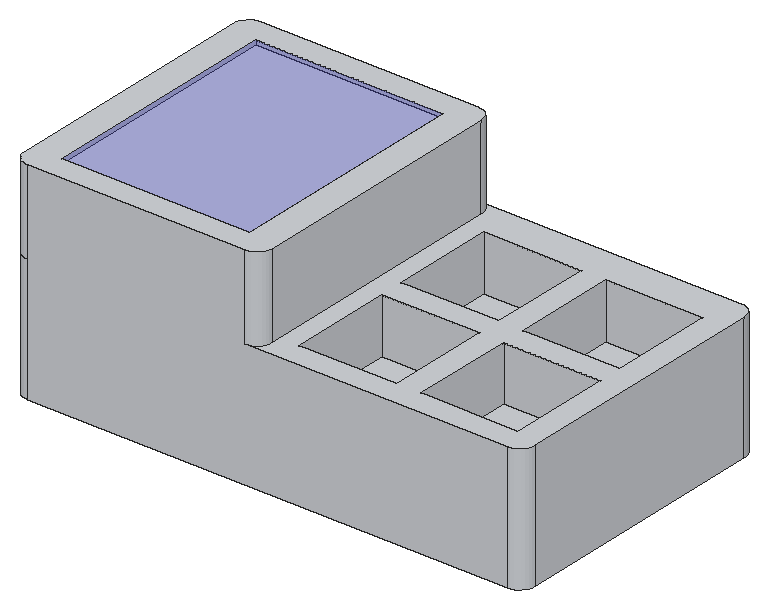
Revit family "Domotics-DomesticRanges-GEWISS-27COMBIDIN_SYSTEM-IP40_4M_8SY", category Apparecchi elettrici, host Superficie, Revit 2016
Family settings
  Host = Superficie
  Mantenere orientamento annotazione = No
  Tipo di parte = Normale
  Quota connettore circolare = Usa diametro
  Taglio con vuoti quando caricato = No
  Condiviso = No
  Punto di calcolo locali = No
Parameters (values of type "GW27072 - Enclosure 4mod.DIN+(2x4)mod. System")
  Version file RFA = "19.4"
  URL = "https://www.gewiss.com/ww/en"
  Type of knockout holes = "Removable with tool"
  Type of enclosure = "GP"
  Torque screws tightening = "0,8NM"
  Thermo-pressure with ball = "70 °C"
  Technical sheet = "https://www.gewiss.com/ww/en/search?q=GW27072"
  Struttura = none
  Standard; = "EN 60670-1 - EN 60670-24"
  Standard = "EN 60669-2-1"
  Shock resistance = "IK07"
  SEO = "Enclosure"
  Realized by GEWISS S.p.A. = ""
  Rated voltage: = "400V ac"
  Rated current (In) = "32A"
  Default Elevation = 1219.2 mm
  Profondità = 95 mm
  Produttore = "GEWISS S.p.A."
  Output contacts = "1NO 16 A (AC1) 250 V ac"
  Outer dim. LxHxD (mm) = "231x132x95"
  No. knockout holes Ã˜23 = "12 on sides / 2 on the bottom"
  No. knockout holes Ã˜ 23 = "12"
  No. SYSTEM modules = "8"
  No. DIN modules = "4"
  Modello = "GW27072"
  Lid screws = "Stainless steel"
  Larghezza = 231 mm
  Insulation voltage = "750V"
  Insulation class = "II"
  Installation temperature = "-25 +60 °C"
  Immagine tipo = GW27072.jpg
  IP degree = "IP40"
  IFC.TypeObject = ""
  IFC.ExportType = ""
  IFC.ExportAs = ""
  IDT = "d719f03f-11ba-41a9-847a-2c47baabadda"
  IDF = "e3c9d10e-0482-4f0d-8d59-2ac36475a756"
  Glow Wire Test = "650°C"
  Electrocod = "0212"
  EAN code = "8011564055452"
  Door type = "Rigid"
  Door colour: = "Smoked Transparent"
  Dispersible power (W) = "15"
  Descrizione = "ENCLOSURE 4MOD.DIN+(2X4)MOD.SYSTEM"
  Configuration = "Module 2 x 4"
  Compartment pre-arrangement = "2"
  Colour = "Grey RAL 7035"
  Characteristics = "Halogen free"
  Catalogue Range = "27COMBI"
  Catalogue = "DOMOTICS"
  COBie.Tagnumber = ""
  COBie.CreatedOn = ""
  COBie.CreatebBy = ""
  COBie.ComponentRegisterItemID = ""
  COBie.Component.TagNumber = ""
  COBie.Component.Space = ""
  COBie.Component.SerialNumber = ""
  COBie.Component.InstallationDate = ""
  COBie.Component.Description = ""
  COBie.Component.BarCode = ""
  Altezza = 132 mm  # constant formula
Values of the unnamed type that differ from the named types
  Version file RFA = ""
  Type of knockout holes = ""
  Type of enclosure = ""
  Torque screws tightening = ""
  Thermo-pressure with ball = ""
  Technical sheet = ""
  Standard; = ""
  Standard = ""
  Shock resistance = ""
  SEO = ""
  Rated voltage: = ""
  Rated current (In) = ""
  Output contacts = ""
  Outer dim. LxHxD (mm) = ""
  No. knockout holes Ã˜23 = ""
  No. knockout holes Ã˜ 23 = ""
  No. SYSTEM modules = ""
  No. DIN modules = ""
  Lid screws = ""
  Insulation voltage = ""
  Insulation class = ""
  Installation temperature = ""
  IP degree = ""
  IDT = ""
  IDF = ""
  Glow Wire Test = ""
  Electrocod = ""
  EAN code = ""
  Door type = ""
  Door colour: = ""
  Dispersible power (W) = ""
  Configuration = ""
  Compartment pre-arrangement = ""
  Colour = ""
  Characteristics = ""
  Catalogue Range = ""
  Catalogue = ""
Reference planes
  plane 1 "Centro (Fronte/Retro)": y = 0
  plane 2: z = 0
  plane 3 "Centro (Sinistra/Destra)": x = 0
  plane 4 "Piano Allineamento Sportellino": z = 95
  plane 5: x = -2.56
  plane 6: z = 57.066
  plane 7: z = 32.066
  plane 8: z = 70
  plane 9: z = 93
  plane 10: x = 116.37
  plane 11: y = 66.019
  plane 12: y = -65.981
  plane 13: x = -114.63
  plane 14: x = -101.144
  plane 15: x = -100.144
  plane 16: x = -17.047
  plane 17: x = -16.047
  plane 18: y = 54.961
  plane 19: y = -53.961
  plane 20: y = -54.961
  plane 21: x = -16.047
  plane 22: x = -16.047
  plane 23: y = 53.961
  plane 24: x = 6.37
  plane 25: y = 2.72
  plane 26: y = -8.101
  plane 27: x = 50.37
  plane 28: x = 61.37
  plane 29: x = 105.37
Forms (mm)
  Extrusion 1, solid, material <- "Struttura"
    sketch origin (0, -451.03, 0) x (1, 0, 0) y (0, 1, 0)
      loop
        line (-9.56, 517.049) -> (-107.63, 517.049)
        arc (-107.63, 517.049) -> (-112.58, 514.999) -> (-114.63, 510.049) r 7
        line (-114.63, 510.049) -> (-114.63, 392.049)
        arc (-114.63, 392.049) -> (-112.58, 387.1) -> (-107.63, 385.049) r 7
        line (-107.63, 385.049) -> (-9.56, 385.049)
        arc (-9.56, 385.049) -> (-4.61, 387.1) -> (-2.56, 392.049) r 7
        line (-2.56, 392.049) -> (-2.56, 510.049)
        arc (-2.56, 510.049) -> (-4.61, 514.999) -> (-9.56, 517.049) r 7
    from 57.066 to 95
  Extrusion 2, solid, material <- "Struttura"
    sketch origin (0, 0, 0) x (1, 0, 0) y (0, 1, 0)
      loop
        line (-114.63, 59.019) -> (-114.63, -58.981)
        arc (-114.63, -58.981) -> (-112.58, -63.931) -> (-107.63, -65.981) r 7
        line (-107.63, -65.981) -> (109.37, -65.981)
        arc (109.37, -65.981) -> (114.319, -63.931) -> (116.37, -58.981) r 7
        line (116.37, -58.981) -> (116.37, 59.019)
        arc (116.37, 59.019) -> (114.319, 63.969) -> (109.37, 66.019) r 7
        line (109.37, 66.019) -> (-107.63, 66.019)
        arc (-107.63, 66.019) -> (-112.58, 63.969) -> (-114.63, 59.019) r 7
    from 0 to 57.066
  Extrusion 3, void
    sketch origin (4.989, -5.381, 0) x (1, 0, 0) y (0, 1, 0)
      loop
        line (45.38, -2.72) -> (1.38, -2.72) -> (1.38, -49.58) -> (45.38, -49.58) -> (45.38, -2.72)
    from 32.066 to 57.066
  Extrusion 4, void
    sketch origin (0, 0, 0) x (1, 0, 0) y (0, 1, 0)
      loop
        line (-100.144, 53.961) -> (-100.144, -53.961) -> (-17.047, -53.961) -> (-17.047, 53.961) -> (-100.144, 53.961)
    from 70 to 93
  Extrusion 5, void
    sketch origin (0, 0, 0) x (1, 0, 0) y (0, 1, 0)
      loop
        line (-16.047, 54.961) -> (-101.144, 54.961) -> (-101.144, -54.961) -> (-16.047, -54.961) -> (-16.047, 54.961)
    from 93 to 95
  Extrusion 6, solid, material "GEWISS Sportellino"
    sketch origin (0, 0, 0) x (1, 0, 0) y (0, 1, 0)
      loop
        line (-16.047, 54.961) -> (-101.144, 54.961) -> (-101.144, -54.961) -> (-16.047, -54.961) -> (-16.047, 54.961)
    from 93 to 95
  Extrusion 7, void
    sketch origin (59.989, -5.381, 0) x (1, 0, 0) y (0, 1, 0)
      loop
        line (45.38, -2.72) -> (1.38, -2.72) -> (1.38, -49.58) -> (45.38, -49.58) -> (45.38, -2.72)
    from 32.066 to 57.066
  Extrusion 8, void
    sketch origin (59.989, 53.439, 0) x (1, 0, 0) y (0, 1, 0)
      loop
        line (45.38, -3.859) -> (1.38, -3.859) -> (1.38, -50.72) -> (45.38, -50.72) -> (45.38, -3.859)
    from 32.066 to 57.066
  Extrusion 9, void
    sketch origin (4.989, 52.299, 0) x (1, 0, 0) y (0, 1, 0)
      loop
        line (45.38, -2.72) -> (1.38, -2.72) -> (1.38, -49.58) -> (45.38, -49.58) -> (45.38, -2.72)
    from 32.066 to 57.066
Cuts and joins
  Extrusion 5, Extrusion 7, Extrusion 8, Extrusion 9 cuts Extrusion 1
  Extrusion 3, Extrusion 4, Extrusion 7, Extrusion 8, Extrusion 9 cuts Extrusion 2
  joined: Extrusion 1, Extrusion 2
Lines and regions (mm)
  Filled region 1, type "GW27071Q.DXF-1", in view "Livello rif."
    outline origin (0, 0, 0) x (1, 0, 0) y (0, 1, 0)
      loop
        line (311.838, -29.653) -> (312.671, -34.653) -> (313.505, -29.653) -> (311.838, -29.653)
  Filled region 2, type "GW27071Q.DXF-1", in view "Livello rif."
    outline origin (0, 0, 0) x (1, 0, 0) y (0, 1, 0)
      loop
        line (311.838, 92.347) -> (313.505, 92.347) -> (312.671, 97.347) -> (311.838, 92.347)
  Filled region 3, type "GW27071Q.DXF-1", in view "Livello rif."
    outline origin (0, 0, 0) x (1, 0, 0) y (0, 1, 0)
      loop
        line (156.887, -59.146) -> (151.887, -59.979) -> (156.887, -60.812) -> (156.887, -59.146)
  Filled region 4, type "GW27071Q.DXF-1", in view "Livello rif."
    outline origin (0, 0, 0) x (1, 0, 0) y (0, 1, 0)
      loop
        line (278.887, -59.146) -> (278.887, -60.812) -> (283.887, -59.979) -> (278.887, -59.146)
  Filled region 5, type "GW27071Q.DXF-1", in view "Livello rif."
    outline origin (0, 0, 0) x (1, 0, 0) y (0, 1, 0)
      loop
        line (171.283, 113.489) -> (166.283, 112.656) -> (171.283, 111.823) -> (171.283, 113.489)
  Filled region 6, type "GW27071Q.DXF-1", in view "Livello rif."
    outline origin (0, 0, 0) x (1, 0, 0) y (0, 1, 0)
      loop
        line (196.283, 113.489) -> (196.283, 111.823) -> (201.283, 112.656) -> (196.283, 113.489)
  Filled region 7, type "GW27071Q.DXF-1", in view "Livello rif."
    outline origin (0, 0, 0) x (1, 0, 0) y (0, 1, 0)
      loop
        line (300.192, 75.924) -> (301.859, 75.924) -> (301.025, 80.924) -> (300.192, 75.924)
  Filled region 8, type "GW27071Q.DXF-1", in view "Livello rif."
    outline origin (0, 0, 0) x (1, 0, 0) y (0, 1, 0)
      loop
        line (300.192, -12.076) -> (301.025, -17.076) -> (301.859, -12.076) -> (300.192, -12.076)
  Filled region 9, type "GW27071Q.DXF-1", in view "Livello rif."
    outline origin (0, 0, 0) x (1, 0, 0) y (0, 1, 0)
      loop
        line (167.887, -49.734) -> (162.887, -50.567) -> (167.887, -51.4) -> (167.887, -49.734)
  Filled region 10, type "GW27071Q.DXF-1", in view "Livello rif."
    outline origin (0, 0, 0) x (1, 0, 0) y (0, 1, 0)
      loop
        line (267.887, -49.734) -> (267.887, -51.4) -> (272.887, -50.567) -> (267.887, -49.734)
  Filled region 11, type "GW27071Q.DXF-1", in view "Livello rif."
    outline origin (0, 0, 0) x (1, 0, 0) y (0, 1, 0)
      loop
        line (104.476, 133.277) -> (104.476, 131.611) -> (109.476, 132.444) -> (104.476, 133.277)
  Filled region 12, type "GW27071Q.DXF-1", in view "Livello rif."
    outline origin (0, 0, 0) x (1, 0, 0) y (0, 1, 0)
      loop
        line (17.434, 133.277) -> (12.434, 132.444) -> (17.434, 131.611) -> (17.434, 133.277)
  Filled region 13, type "GW27071Q.DXF-1", in view "Livello rif."
    outline origin (0, 0, 0) x (1, 0, 0) y (0, 1, 0)
      loop
        line (17.434, 116.721) -> (12.434, 115.888) -> (17.434, 115.054) -> (17.434, 116.721)
  Filled region 14, type "GW27071Q.DXF-1", in view "Livello rif."
    outline origin (0, 0, 0) x (1, 0, 0) y (0, 1, 0)
      loop
        line (37.434, 116.721) -> (37.434, 115.054) -> (42.434, 115.888) -> (37.434, 116.721)
  Filled region 15, type "GW27071Q.DXF-1", in view "Livello rif."
    outline origin (0, 0, 0) x (1, 0, 0) y (0, 1, 0)
      loop
        line (47.434, 116.721) -> (42.434, 115.888) -> (47.434, 115.054) -> (47.434, 116.721)
  Filled region 16, type "GW27071Q.DXF-1", in view "Livello rif."
    outline origin (0, 0, 0) x (1, 0, 0) y (0, 1, 0)
      loop
        line (104.476, 116.721) -> (104.476, 115.054) -> (109.476, 115.888) -> (104.476, 116.721)
  Filled region 17, type "GW27071Q.DXF-1", in view "Livello rif."
    outline origin (0, 0, 0) x (1, 0, 0) y (0, 1, 0)
      loop
        line (85.58, -62.533) -> (85.58, -64.2) -> (90.58, -63.366) -> (85.58, -62.533)
  Filled region 18, type "GW27071Q.DXF-1", in view "Livello rif."
    outline origin (0, 0, 0) x (1, 0, 0) y (0, 1, 0)
      loop
        line (17.938, -62.533) -> (12.938, -63.366) -> (17.938, -64.2) -> (17.938, -62.533)
  Filled region 19, type "GW27071Q.DXF-1", in view "Livello rif."
    outline origin (0, 0, 0) x (1, 0, 0) y (0, 1, 0)
      loop
        line (85.58, -45.003) -> (85.58, -46.67) -> (90.58, -45.836) -> (85.58, -45.003)
  Filled region 20, type "GW27071Q.DXF-1", in view "Livello rif."
    outline origin (0, 0, 0) x (1, 0, 0) y (0, 1, 0)
      loop
        line (42.138, -45.003) -> (37.138, -45.836) -> (42.138, -46.67) -> (42.138, -45.003)
  Filled region 21, type "GW27071Q.DXF-1", in view "Livello rif."
    outline origin (0, 0, 0) x (1, 0, 0) y (0, 1, 0)
      loop
        line (95.58, -44.823) -> (90.58, -45.656) -> (95.58, -46.49) -> (95.58, -44.823)
  Filled region 22, type "GW27071Q.DXF-1", in view "Livello rif."
    outline origin (0, 0, 0) x (1, 0, 0) y (0, 1, 0)
      loop
        line (103.18, -44.823) -> (103.18, -46.49) -> (108.18, -45.656) -> (103.18, -44.823)
  Filled region 23, type "GW27071Q.DXF-1", in view "Livello rif."
    outline origin (0, 0, 0) x (1, 0, 0) y (0, 1, 0)
      loop
        line (263.699, 109.74) -> (263.699, 108.073) -> (268.699, 108.907) -> (263.699, 109.74)
  Filled region 24, type "GW27071Q.DXF-1", in view "Livello rif."
    outline origin (0, 0, 0) x (1, 0, 0) y (0, 1, 0)
      loop
        line (227.699, 109.74) -> (222.699, 108.907) -> (227.699, 108.073) -> (227.699, 109.74)
  Filled region 25, type "GW27071Q.DXF-1", in view "Sinistra"
    outline origin (0, 0, 0) x (0, -1, 0) y (0, 0, 1)
      loop
        line (101.84, 5) -> (100.174, 5) -> (101.007, 0) -> (101.84, 5)
  Filled region 26, type "GW27071Q.DXF-1", in view "Sinistra"
    outline origin (0, 0, 0) x (0, -1, 0) y (0, 0, 1)
      loop
        line (101.84, 90) -> (101.007, 95) -> (100.174, 90) -> (101.84, 90)
  Filled region 27, type "GW27071Q.DXF-1", in view "Sinistra"
    outline origin (0, 0, 0) x (0, -1, 0) y (0, 0, 1)
      loop
        line (85.284, 90) -> (84.451, 95) -> (83.617, 90) -> (85.284, 90)
  Filled region 28, type "GW27071Q.DXF-1", in view "Sinistra"
    outline origin (0, 0, 0) x (0, -1, 0) y (0, 0, 1)
      loop
        line (85.284, 70) -> (83.617, 70) -> (84.451, 65) -> (85.284, 70)
  Filled region 29, type "GW27071Q.DXF-1", in view "Sinistra"
    outline origin (0, 0, 0) x (0, -1, 0) y (0, 0, 1)
      loop
        line (85.284, 60) -> (84.451, 65) -> (83.617, 60) -> (85.284, 60)
  Filled region 30, type "GW27071Q.DXF-1", in view "Sinistra"
    outline origin (0, 0, 0) x (0, -1, 0) y (0, 0, 1)
      loop
        line (85.284, 5) -> (83.617, 5) -> (84.451, 0) -> (85.284, 5)
  Filled region 31, type "GW27071Q.DXF-1", in view "Sinistra"
    outline origin (0, 0, 0) x (0, -1, 0) y (0, 0, 1)
      loop
        line (-93.97, 23.896) -> (-95.637, 23.896) -> (-94.803, 18.896) -> (-93.97, 23.896)
  Filled region 32, type "GW27071Q.DXF-1", in view "Sinistra"
    outline origin (0, 0, 0) x (0, -1, 0) y (0, 0, 1)
      loop
        line (-93.97, 89.496) -> (-94.803, 94.496) -> (-95.637, 89.496) -> (-93.97, 89.496)
  Filled region 33, type "GW27071Q.DXF-1", in view "Sinistra"
    outline origin (0, 0, 0) x (0, -1, 0) y (0, 0, 1)
      loop
        line (-76.44, 23.896) -> (-78.107, 23.896) -> (-77.273, 18.896) -> (-76.44, 23.896)
  Filled region 34, type "GW27071Q.DXF-1", in view "Sinistra"
    outline origin (0, 0, 0) x (0, -1, 0) y (0, 0, 1)
      loop
        line (-76.44, 65.296) -> (-77.273, 70.296) -> (-78.107, 65.296) -> (-76.44, 65.296)
  Filled region 35, type "GW27071Q.DXF-1", in view "Sinistra"
    outline origin (0, 0, 0) x (0, -1, 0) y (0, 0, 1)
      loop
        line (-76.26, 58.896) -> (-77.927, 58.896) -> (-77.093, 18.896) -> (-76.26, 58.896)
  Filled region 36, type "GW27071Q.DXF-1", in view "Sinistra"
    outline origin (0, 0, 0) x (0, -1, 0) y (0, 0, 1)
      loop
        line (-76.26, 51.296) -> (-77.927, 51.296) -> (-77.093, 1.296) -> (-76.26, 51.296)
  Filled region 37, type "GW27071Q.DXF-1", in view "Sinistra", not visible
    outline origin (0, 0, 0) x (0, -1, 0) y (0, 0, 1)
      loop
        line (295.687, 963.746) -> (295.687, 962.08) -> (300.687, 962.913) -> (295.687, 963.746)
  Filled region 38, type "GW27071Q.DXF-1", in view "Sinistra", not visible
    outline origin (0, 0, 0) x (0, -1, 0) y (0, 0, 1)
      loop
        line (210.687, 963.746) -> (205.687, 962.913) -> (210.687, 962.08) -> (210.687, 963.746)
  Filled region 39, type "GW27071Q.DXF-1", in view "Sinistra", not visible
    outline origin (0, 0, 0) x (0, -1, 0) y (0, 0, 1)
      loop
        line (210.687, 947.19) -> (205.687, 946.356) -> (210.687, 945.523) -> (210.687, 947.19)
  Filled region 40, type "GW27071Q.DXF-1", in view "Sinistra", not visible
    outline origin (0, 0, 0) x (0, -1, 0) y (0, 0, 1)
      loop
        line (230.687, 947.19) -> (230.687, 945.523) -> (235.687, 946.356) -> (230.687, 947.19)
  Filled region 41, type "GW27071Q.DXF-1", in view "Sinistra", not visible
    outline origin (0, 0, 0) x (0, -1, 0) y (0, 0, 1)
      loop
        line (240.687, 947.19) -> (235.687, 946.356) -> (240.687, 945.523) -> (240.687, 947.19)
  Filled region 42, type "GW27071Q.DXF-1", in view "Sinistra", not visible
    outline origin (0, 0, 0) x (0, -1, 0) y (0, 0, 1)
      loop
        line (295.687, 947.19) -> (295.687, 945.523) -> (300.687, 946.356) -> (295.687, 947.19)
  Filled region 43, type "GW27071Q.DXF-1", in view "Sinistra", not visible
    outline origin (0, 0, 0) x (0, -1, 0) y (0, 0, 1)
      loop
        line (276.791, 767.936) -> (276.791, 766.269) -> (281.791, 767.103) -> (276.791, 767.936)
  Filled region 44, type "GW27071Q.DXF-1", in view "Sinistra", not visible
    outline origin (0, 0, 0) x (0, -1, 0) y (0, 0, 1)
      loop
        line (211.191, 767.936) -> (206.191, 767.103) -> (211.191, 766.269) -> (211.191, 767.936)
  Filled region 45, type "GW27071Q.DXF-1", in view "Sinistra", not visible
    outline origin (0, 0, 0) x (0, -1, 0) y (0, 0, 1)
      loop
        line (276.791, 785.466) -> (276.791, 783.799) -> (281.791, 784.632) -> (276.791, 785.466)
  Filled region 46, type "GW27071Q.DXF-1", in view "Sinistra", not visible
    outline origin (0, 0, 0) x (0, -1, 0) y (0, 0, 1)
      loop
        line (235.391, 785.466) -> (230.391, 784.632) -> (235.391, 783.799) -> (235.391, 785.466)
  Filled region 47, type "GW27071Q.DXF-1", in view "Sinistra", not visible
    outline origin (0, 0, 0) x (0, -1, 0) y (0, 0, 1)
      loop
        line (286.791, 785.646) -> (281.791, 784.812) -> (286.791, 783.979) -> (286.791, 785.646)
  Filled region 48, type "GW27071Q.DXF-1", in view "Sinistra", not visible
    outline origin (0, 0, 0) x (0, -1, 0) y (0, 0, 1)
      loop
        line (294.391, 785.646) -> (294.391, 783.979) -> (299.391, 784.812) -> (294.391, 785.646)
  model lines, not visible
    curve 1: arc (276.741, -20.994, 0) -> (277.939, -18.365, 0) -> (277.918, -15.476, 0) r 6.7
    curve 2: arc (264.087, -16.92, 0) -> (264.693, -19.757, 0) -> (266.434, -22.078, 0) r 6.754
    curve 3: arc (268.608, -16.92, 0) -> (269.839, -19.067, 0) -> (272.314, -19.095, 0) r 2.493
    curve 4: arc (268.969, -24.605, 0) -> (271.825, -24.886, 0) -> (274.574, -24.062, 0) r 7.427
    curve 5: arc (276.741, -12.853, 0) -> (274.6, -10.93, 0) -> (271.859, -10.052, 0) r 6.874
    curve 6: arc (268.969, -10.326, 0) -> (266.449, -11.778, 0) -> (264.721, -14.118, 0) r 7.102
    curve 7: arc (273.578, -16.92, 0) -> (272.344, -14.78, 0) -> (269.874, -14.755, 0) r 2.491
    curve 8: arc (268.969, -24.605, 0) -> (271.82, -24.986, 0) -> (274.546, -24.065, 0) r 6.329
    curve 9: arc (272.314, 81.969, 0) -> (269.839, 81.941, 0) -> (268.608, 79.794, 0) r 2.493
    curve 10: arc (274.574, 86.936, 0) -> (271.825, 87.76, 0) -> (268.969, 87.479, 0) r 7.427
    curve 11: arc (274.546, 86.939, 0) -> (271.82, 87.86, 0) -> (268.969, 87.479, 0) r 6.329
    curve 12: arc (266.434, 84.952, 0) -> (264.693, 82.631, 0) -> (264.087, 79.794, 0) r 6.754
    curve 13: arc (264.721, 76.992, 0) -> (266.449, 74.652, 0) -> (268.969, 73.2, 0) r 7.102
    curve 14: arc (277.918, 78.35, 0) -> (277.939, 81.239, 0) -> (276.741, 83.868, 0) r 6.7
    curve 15: arc (269.874, 77.629, 0) -> (272.344, 77.654, 0) -> (273.578, 79.794, 0) r 2.491
    curve 16: arc (271.859, 72.926, 0) -> (274.6, 73.804, 0) -> (276.741, 75.727, 0) r 6.874
    curve 17: arc (159.373, -19.095, 0) -> (161.848, -19.067, 0) -> (163.079, -16.92, 0) r 2.493
    curve 18: arc (157.113, -24.062, 0) -> (159.862, -24.886, 0) -> (162.719, -24.605, 0) r 7.427
    curve 19: arc (157.142, -24.065, 0) -> (159.867, -24.986, 0) -> (162.719, -24.605, 0) r 6.329
    curve 20: arc (165.253, -22.078, 0) -> (166.994, -19.757, 0) -> (167.601, -16.92, 0) r 6.754
    curve 21: arc (166.966, -14.118, 0) -> (165.239, -11.778, 0) -> (162.719, -10.326, 0) r 7.102
    curve 22: arc (153.769, -15.476, 0) -> (153.748, -18.365, 0) -> (154.946, -20.994, 0) r 6.7
    curve 23: arc (161.813, -14.755, 0) -> (159.343, -14.78, 0) -> (158.11, -16.92, 0) r 2.491
    curve 24: arc (159.828, -10.052, 0) -> (157.087, -10.93, 0) -> (154.946, -12.853, 0) r 6.874
    curve 25: arc (154.946, 75.727, 0) -> (157.087, 73.804, 0) -> (159.828, 72.926, 0) r 6.874
    curve 26: arc (162.719, 73.2, 0) -> (165.239, 74.652, 0) -> (166.966, 76.992, 0) r 7.102
    curve 27: arc (162.719, 87.479, 0) -> (159.867, 87.86, 0) -> (157.142, 86.939, 0) r 6.329
    curve 28: arc (162.719, 87.479, 0) -> (159.862, 87.76, 0) -> (157.113, 86.936, 0) r 7.427
    curve 29: arc (163.079, 79.794, 0) -> (161.848, 81.941, 0) -> (159.373, 81.969, 0) r 2.493
    curve 30: arc (167.601, 79.794, 0) -> (166.994, 82.631, 0) -> (165.253, 84.952, 0) r 6.754
    curve 31: arc (158.11, 79.794, 0) -> (159.343, 77.654, 0) -> (161.813, 77.629, 0) r 2.491
    curve 32: arc (154.946, 83.868, 0) -> (153.748, 81.239, 0) -> (153.769, 78.35, 0) r 6.7
    curve 33: line (266.434, -22.078, 0) -> (264.087, -16.92, 0)
    curve 34: line (277.918, -15.476, 0) -> (276.741, -20.994, 0)
    curve 35: line (272.314, -19.095, 0) -> (268.608, -16.92, 0)
    curve 36: line (274.574, -24.062, 0) -> (268.969, -24.605, 0)
    curve 37: line (271.859, -10.052, 0) -> (276.741, -12.853, 0)
    curve 38: line (264.721, -14.118, 0) -> (268.969, -10.326, 0)
    curve 39: line (269.874, -14.755, 0) -> (273.578, -16.92, 0)
    curve 40: line (272.314, 81.969, 0) -> (268.608, 79.794, 0)
    curve 41: line (274.574, 86.936, 0) -> (268.969, 87.479, 0)
    curve 42: line (266.434, 84.952, 0) -> (264.087, 79.794, 0)
    curve 43: line (264.721, 76.992, 0) -> (268.969, 73.2, 0)
    curve 44: line (277.918, 78.35, 0) -> (276.741, 83.868, 0)
    curve 45: line (269.874, 77.629, 0) -> (273.578, 79.794, 0)
    curve 46: line (271.859, 72.926, 0) -> (276.741, 75.727, 0)
    curve 47: line (159.373, -19.095, 0) -> (163.079, -16.92, 0)
    curve 48: line (157.113, -24.062, 0) -> (162.719, -24.605, 0)
    curve 49: line (165.253, -22.078, 0) -> (167.601, -16.92, 0)
    curve 50: line (166.966, -14.118, 0) -> (162.719, -10.326, 0)
    curve 51: line (153.769, -15.476, 0) -> (154.946, -20.994, 0)
    curve 52: line (161.813, -14.755, 0) -> (158.11, -16.92, 0)
    curve 53: line (159.828, -10.052, 0) -> (154.946, -12.853, 0)
    curve 54: line (159.828, 72.926, 0) -> (154.946, 75.727, 0)
    curve 55: line (166.966, 76.992, 0) -> (162.719, 73.2, 0)
    curve 56: line (157.142, 86.939, 0) -> (162.719, 87.479, 0)
    curve 57: line (159.373, 81.969, 0) -> (163.079, 79.794, 0)
    curve 58: line (165.253, 84.952, 0) -> (167.601, 79.794, 0)
    curve 59: line (161.813, 77.629, 0) -> (158.11, 79.794, 0)
    curve 60: line (153.769, 78.35, 0) -> (154.946, 83.868, 0)
    curve 61: line (202.275, 95.384, 0) -> (202.275, 85.351, 0)
    curve 62: line (207.021, 90.368, 0) -> (197.53, 90.368, 0)
    curve 63: line (202.275, -32.51, 0) -> (202.275, -22.477, 0)
    curve 64: line (207.021, -27.493, 0) -> (197.53, -27.493, 0)
    curve 65: line (275.615, -32.51, 0) -> (275.615, -22.477, 0)
    curve 66: line (280.356, -27.498, 0) -> (270.845, -27.498, 0)
    curve 67: line (275.615, 95.384, 0) -> (275.615, 85.351, 0)
    curve 68: line (280.356, 90.372, 0) -> (270.865, 90.372, 0)
    curve 69: line (156.072, -32.51, 0) -> (156.072, -22.477, 0)
    curve 70: line (151.331, -27.498, 0) -> (160.845, -27.498, 0)
    curve 71: line (156.072, 95.384, 0) -> (156.072, 85.351, 0)
    curve 72: line (151.331, 90.372, 0) -> (160.822, 90.372, 0)
    curve 73: line (289.744, 31.437, 0) -> (142.831, 31.437, 0)
    curve 74: arc (156.804, 97.456, 0) -> (151.809, 95.377, 0) -> (149.765, 90.368, 0) r 7.039
    curve 75: arc (195.602, -22.524, 0) -> (181.766, -8.688, 0) -> (167.931, -22.524, 0) r 13.836
    curve 76: arc (196.241, -22.524, 0) -> (198.363, -21.645, 0) -> (199.241, -19.524, 0) r 3
    curve 77: arc (199.241, 82.398, 0) -> (198.363, 84.519, 0) -> (196.241, 85.398, 0) r 3
    curve 78: circle (202.275, 90.368, 0) r 2.983 normal (0, 0, 1)
    curve 79: circle (202.275, -27.493, 0) r 2.983 normal (0, 0, 1)
    curve 80: arc (213.717, 90.368, 0) -> (211.673, 95.377, 0) -> (206.678, 97.456, 0) r 7.039
    curve 81: arc (149.765, -27.493, 0) -> (151.559, -32.237, 0) -> (156.075, -34.544, 0) r 7.039
    curve 82: arc (206.678, -34.582, 0) -> (211.673, -32.503, 0) -> (213.717, -27.493, 0) r 7.039
    curve 83: arc (281.922, 90.368, 0) -> (279.878, 95.377, 0) -> (274.883, 97.456, 0) r 7.039
    curve 84: arc (274.883, -34.582, 0) -> (279.878, -32.503, 0) -> (281.922, -27.493, 0) r 7.039
    curve 85: arc (222.657, 27.687, 0) -> (221.243, 27.101, 0) -> (220.657, 25.687, 0) r 2
    curve 86: arc (266.657, 25.687, 0) -> (266.072, 27.101, 0) -> (264.657, 27.687, 0) r 2
    curve 87: arc (266.657, 22.687, 0) -> (266.072, 24.101, 0) -> (264.657, 24.687, 0) r 2
    curve 88: arc (264.657, -20.313, 0) -> (266.072, -19.727, 0) -> (266.657, -18.313, 0) r 2
    curve 89: arc (220.657, -18.313, 0) -> (221.243, -19.727, 0) -> (222.657, -20.313, 0) r 2
    curve 90: arc (244.109, -18.327, 0) -> (244.648, -19.498, 0) -> (245.647, -20.313, 0) r 2.858
    curve 91: arc (241.574, -20.313, 0) -> (242.573, -19.498, 0) -> (243.112, -18.327, 0) r 2.858
    curve 92: arc (222.657, 24.687, 0) -> (221.243, 24.101, 0) -> (220.657, 22.687, 0) r 2
    curve 93: arc (243.112, 22.701, 0) -> (242.573, 23.872, 0) -> (241.574, 24.687, 0) r 2.858
    curve 94: arc (245.647, 24.687, 0) -> (244.648, 23.872, 0) -> (244.109, 22.701, 0) r 2.858
    curve 95: arc (220.657, 37.187, 0) -> (221.243, 35.773, 0) -> (222.657, 35.187, 0) r 2
    curve 96: arc (222.657, 80.187, 0) -> (221.243, 79.601, 0) -> (220.657, 78.187, 0) r 2
    curve 97: arc (222.657, 83.187, 0) -> (221.243, 82.601, 0) -> (220.657, 81.187, 0) r 2
    curve 98: circle (275.611, -27.498, 0) r 2.983 normal (0, 0, 1)
    curve 99: circle (275.611, 90.372, 0) r 2.983 normal (0, 0, 1)
    curve 100: arc (241.574, 35.187, 0) -> (242.573, 36.002, 0) -> (243.112, 37.173, 0) r 2.858
    curve 101: arc (244.109, 37.173, 0) -> (244.648, 36.002, 0) -> (245.647, 35.187, 0) r 2.858
    curve 102: arc (245.647, 80.187, 0) -> (244.648, 79.372, 0) -> (244.109, 78.201, 0) r 2.858
    curve 103: arc (243.112, 78.201, 0) -> (242.573, 79.372, 0) -> (241.574, 80.187, 0) r 2.858
    curve 104: arc (264.657, 35.187, 0) -> (266.072, 35.773, 0) -> (266.657, 37.187, 0) r 2
    curve 105: arc (266.657, 78.187, 0) -> (266.072, 79.601, 0) -> (264.657, 80.187, 0) r 2
    curve 106: arc (266.657, 81.187, 0) -> (266.072, 82.601, 0) -> (264.657, 83.187, 0) r 2
    curve 107: circle (156.077, -27.498, 0) r 2.983 normal (0, 0, 1)
    curve 108: arc (164.241, -19.524, 0) -> (165.12, -21.645, 0) -> (167.241, -22.524, 0) r 3
    curve 109: circle (156.077, 90.372, 0) r 2.983 normal (0, 0, 1)
    curve 110: arc (167.241, 85.398, 0) -> (165.12, 84.519, 0) -> (164.241, 82.398, 0) r 3
    curve 111: line (281.845, -27.493, 0) -> (281.845, 90.368, 0)
    curve 112: line (275.613, -34.544, 0) -> (156.075, -34.544, 0)
    curve 113: line (149.755, 90.368, 0) -> (149.755, -27.493, 0)
    curve 114: line (213.728, 90.368, 0) -> (213.728, -27.493, 0)
    curve 115: line (196.241, -22.524, 0) -> (167.241, -22.524, 0)
    curve 116: line (167.241, 85.398, 0) -> (196.241, 85.398, 0)
    curve 117: line (164.241, -19.524, 0) -> (164.241, 82.398, 0)
    curve 118: line (188.195, -2.552, 0) -> (193.792, -2.552, 0)
    curve 119: line (188.195, 8.478, 0) -> (193.792, 8.478, 0)
    curve 120: line (199.241, -19.524, 0) -> (199.241, 82.398, 0)
    curve 121: line (164.241, 65.427, 0) -> (199.241, 65.427, 0)
    curve 122: line (164.241, 54.396, 0) -> (199.241, 54.396, 0)
    curve 123: line (164.241, 8.478, 0) -> (199.241, 8.478, 0)
    curve 124: line (164.241, -2.552, 0) -> (199.241, -2.552, 0)
    curve 125: line (164.241, -15.562, 0) -> (199.241, -15.562, 0)
    curve 126: line (200.141, 92.451, 0) -> (204.41, 88.284, 0)
    curve 127: line (200.141, -29.577, 0) -> (204.41, -25.41, 0)
    curve 128: line (274.883, 97.456, 0) -> (156.804, 97.456, 0)
    curve 129: line (220.657, -18.313, 0) -> (220.657, 24.687, 0)
    curve 130: line (220.657, 24.687, 0) -> (220.657, 25.687, 0)
    curve 131: line (266.657, 25.687, 0) -> (266.657, -18.313, 0)
    curve 132: line (225.668, -20.313, 0) -> (225.668, -18.327, 0)
    curve 133: line (225.668, -18.327, 0) -> (239.681, -18.327, 0)
    curve 134: line (239.681, -18.327, 0) -> (239.681, -20.313, 0)
    curve 135: line (264.657, -20.313, 0) -> (222.657, -20.313, 0)
    curve 136: line (247.634, -20.313, 0) -> (247.634, -18.327, 0)
    curve 137: line (247.634, -18.327, 0) -> (261.647, -18.327, 0)
    curve 138: line (261.647, -18.327, 0) -> (261.647, -20.313, 0)
    curve 139: line (243.112, -18.327, 0) -> (244.109, -18.327, 0)
    curve 140: line (244.109, -18.327, 0) -> (243.112, -18.327, 0)
    curve 141: line (225.668, 24.687, 0) -> (225.668, 22.701, 0)
    curve 142: line (225.668, 22.701, 0) -> (239.681, 22.701, 0)
    curve 143: line (239.681, 22.701, 0) -> (239.681, 24.687, 0)
    curve 144: line (222.657, 24.687, 0) -> (264.657, 24.687, 0)
    curve 145: line (247.634, 24.687, 0) -> (247.634, 22.701, 0)
    curve 146: line (247.634, 22.701, 0) -> (261.647, 22.701, 0)
    curve 147: line (261.647, 22.701, 0) -> (261.647, 24.687, 0)
    curve 148: line (243.112, 22.701, 0) -> (244.109, 22.701, 0)
    curve 149: line (244.109, 22.701, 0) -> (243.112, 22.701, 0)
    curve 150: line (220.657, 37.187, 0) -> (220.657, 80.187, 0)
    curve 151: line (220.657, 80.187, 0) -> (220.657, 81.187, 0)
    curve 152: line (222.657, 27.687, 0) -> (264.657, 27.687, 0)
    curve 153: line (222.657, 35.187, 0) -> (264.657, 35.187, 0)
    curve 154: line (264.657, 35.187, 0) -> (222.657, 35.187, 0)
    curve 155: line (264.657, 80.187, 0) -> (222.657, 80.187, 0)
    curve 156: line (222.657, 80.187, 0) -> (264.657, 80.187, 0)
    curve 157: line (273.476, -29.582, 0) -> (277.745, -25.414, 0)
    curve 158: line (273.476, 92.456, 0) -> (277.745, 88.288, 0)
    curve 159: line (247.634, 80.187, 0) -> (247.634, 78.201, 0)
    curve 160: line (247.634, 78.201, 0) -> (261.647, 78.201, 0)
    curve 161: line (261.647, 78.201, 0) -> (261.647, 80.187, 0)
    curve 162: line (222.657, 83.187, 0) -> (264.657, 83.187, 0)
    curve 163: line (247.634, 35.187, 0) -> (247.634, 37.173, 0)
    curve 164: line (247.634, 37.173, 0) -> (261.647, 37.173, 0)
    curve 165: line (261.647, 37.173, 0) -> (261.647, 35.187, 0)
    curve 166: line (225.668, 35.187, 0) -> (225.668, 37.173, 0)
    curve 167: line (225.668, 37.173, 0) -> (239.681, 37.173, 0)
    curve 168: line (239.681, 37.173, 0) -> (239.681, 35.187, 0)
    curve 169: line (244.109, 37.173, 0) -> (243.112, 37.173, 0)
    curve 170: line (243.112, 37.173, 0) -> (244.109, 37.173, 0)
    curve 171: line (225.668, 80.187, 0) -> (225.668, 78.201, 0)
    curve 172: line (225.668, 78.201, 0) -> (239.681, 78.201, 0)
    curve 173: line (239.681, 78.201, 0) -> (239.681, 80.187, 0)
    curve 174: line (244.109, 78.201, 0) -> (243.112, 78.201, 0)
    curve 175: line (243.112, 78.201, 0) -> (244.109, 78.201, 0)
    curve 176: line (266.657, 81.187, 0) -> (266.657, 37.187, 0)
    curve 177: line (158.211, -29.582, 0) -> (153.942, -25.414, 0)
    curve 178: line (158.211, 92.456, 0) -> (153.942, 88.288, 0)
    curve 179: line (283.203, -34.653, 0) -> (311.879, -34.653, 0)
    curve 180: line (283.203, 97.347, 0) -> (311.879, 97.347, 0)
    curve 181: line (310.629, -29.653, 0) -> (310.629, 92.347, 0)
    curve 182: line (309.796, -29.653, 0) -> (311.463, -29.653, 0)
    curve 183: line (311.463, -29.653, 0) -> (310.629, -34.653, 0)
    curve 184: line (310.629, -34.653, 0) -> (309.796, -29.653, 0)
    curve 185: line (309.796, 92.347, 0) -> (311.463, 92.347, 0)
    curve 186: line (311.463, 92.347, 0) -> (310.629, 97.347, 0)
    curve 187: line (310.629, 97.347, 0) -> (309.796, 92.347, 0)
    curve 188: line (149.845, -38.932, 0) -> (149.845, -61.229, 0)
    curve 189: line (281.845, -38.932, 0) -> (281.845, -61.229, 0)
    curve 190: line (154.845, -59.979, 0) -> (276.845, -59.979, 0)
    curve 191: line (154.845, -59.146, 0) -> (154.845, -60.812, 0)
    curve 192: line (154.845, -60.812, 0) -> (149.845, -59.979, 0)
    curve 193: line (149.845, -59.979, 0) -> (154.845, -59.146, 0)
    curve 194: line (276.845, -59.146, 0) -> (276.845, -60.812, 0)
    curve 195: line (276.845, -60.812, 0) -> (281.845, -59.979, 0)
    curve 196: line (281.845, -59.979, 0) -> (276.845, -59.146, 0)
    curve 197: line (164.241, 91.052, 0) -> (164.241, 113.906, 0)
    curve 198: line (199.241, 91.052, 0) -> (199.241, 113.906, 0)
    curve 199: line (169.241, 112.656, 0) -> (194.241, 112.656, 0)
    curve 200: line (169.241, 113.489, 0) -> (169.241, 111.823, 0)
    curve 201: line (169.241, 111.823, 0) -> (164.241, 112.656, 0)
    curve 202: line (164.241, 112.656, 0) -> (169.241, 113.489, 0)
    curve 203: line (194.241, 113.489, 0) -> (194.241, 111.823, 0)
    curve 204: line (194.241, 111.823, 0) -> (199.241, 112.656, 0)
    curve 205: line (199.241, 112.656, 0) -> (194.241, 113.489, 0)
    curve 206: line (271.876, 80.924, 0) -> (300.233, 80.924, 0)
    curve 207: line (271.876, -17.076, 0) -> (300.233, -17.076, 0)
    curve 208: line (298.983, 75.924, 0) -> (298.983, -12.076, 0)
    curve 209: line (298.15, 75.924, 0) -> (299.817, 75.924, 0)
    curve 210: line (299.817, 75.924, 0) -> (298.983, 80.924, 0)
    curve 211: line (298.983, 80.924, 0) -> (298.15, 75.924, 0)
    curve 212: line (298.15, -12.076, 0) -> (299.817, -12.076, 0)
    curve 213: line (299.817, -12.076, 0) -> (298.983, -17.076, 0)
    curve 214: line (298.983, -17.076, 0) -> (298.15, -12.076, 0)
    curve 215: line (160.845, -18.231, 0) -> (160.845, -51.817, 0)
    curve 216: line (270.845, -18.233, 0) -> (270.845, -51.817, 0)
    curve 217: line (165.845, -50.567, 0) -> (265.845, -50.567, 0)
    curve 218: line (165.845, -49.734, 0) -> (165.845, -51.4, 0)
    curve 219: line (165.845, -51.4, 0) -> (160.845, -50.567, 0)
    curve 220: line (160.845, -50.567, 0) -> (165.845, -49.734, 0)
    curve 221: line (265.845, -49.734, 0) -> (265.845, -51.4, 0)
    curve 222: line (265.845, -51.4, 0) -> (270.845, -50.567, 0)
    curve 223: line (270.845, -50.567, 0) -> (265.845, -49.734, 0)
    curve 224: line (266.657, 86.812, 0) -> (266.657, 110.157, 0)
    curve 225: line (220.657, 86.812, 0) -> (220.657, 110.157, 0)
    curve 226: line (261.657, 108.907, 0) -> (225.657, 108.907, 0)
    curve 227: line (261.657, 109.74, 0) -> (261.657, 108.073, 0)
    curve 228: line (261.657, 108.073, 0) -> (266.657, 108.907, 0)
    curve 229: line (266.657, 108.907, 0) -> (261.657, 109.74, 0)
    curve 230: line (225.657, 109.74, 0) -> (225.657, 108.073, 0)
    curve 231: line (225.657, 108.073, 0) -> (220.657, 108.907, 0)
    curve 232: line (220.657, 108.907, 0) -> (225.657, 109.74, 0)
    curve 233: line (0, -311.602, 861.906) -> (0, -192.401, 861.906)
    curve 234: arc (0, -205.683, 811.925) -> (0, -207.775, 803.307) -> (0, -214.276, 797.275) r 15.387
    curve 235: circle (0, -283.557, 889.656) r 10.896 normal (-1, 0, 0)
    curve 236: circle (0, -283.574, 833.883) r 10.896 normal (-1, 0, 0)
    curve 237: arc (0, -281.791, 877.377) -> (0, -282.669, 875.256) -> (0, -284.791, 874.377) r 3
    curve 238: arc (0, -290.474, 871.377) -> (0, -289.595, 873.499) -> (0, -287.474, 874.377) r 3
    curve 239: arc (0, -287.474, 849.434) -> (0, -289.595, 850.313) -> (0, -290.474, 852.434) r 3
    curve 240: arc (0, -284.791, 849.434) -> (0, -282.669, 848.555) -> (0, -281.791, 846.434) r 3
    curve 241: line (0, -299.423, 798.454) -> (0, -299.236, 797.549)
    curve 242: line (0, -299.236, 797.549) -> (0, -298.694, 796.735)
    curve 243: line (0, -298.694, 796.735) -> (0, -297.885, 796.192)
    curve 244: line (0, -297.885, 796.192) -> (0, -296.888, 796.011)
    curve 245: line (0, -296.888, 796.011) -> (0, -266.7, 796.467)
    curve 246: line (0, -266.7, 796.467) -> (0, -266.7, 927.345)
    curve 247: line (0, -266.7, 927.345) -> (0, -296.888, 927.801)
    curve 248: line (0, -296.888, 927.801) -> (0, -297.885, 927.619)
    curve 249: line (0, -297.885, 927.619) -> (0, -298.694, 927.076)
    curve 250: line (0, -298.694, 927.076) -> (0, -299.236, 926.263)
    curve 251: line (0, -299.236, 926.263) -> (0, -299.423, 925.272)
    curve 252: line (0, -299.423, 925.272) -> (0, -299.423, 798.454)
    curve 253: line (0, -285.497, 917.311) -> (0, -299.423, 917.311)
    curve 254: line (0, -299.423, 917.311) -> (0, -300.687, 917.311)
    curve 255: line (0, -300.687, 917.311) -> (0, -300.687, 806.406)
    curve 256: line (0, -300.687, 806.406) -> (0, -299.423, 806.406)
    curve 257: line (0, -299.423, 806.406) -> (0, -285.497, 806.406)
    curve 258: line (0, -236.234, 905.567) -> (0, -235.692, 898.061)
    curve 259: line (0, -235.692, 898.061) -> (0, -235.692, 861.906)
    curve 260: line (0, -235.692, 861.906) -> (0, -235.692, 825.75)
    curve 261: line (0, -235.692, 825.75) -> (0, -235.692, 861.906)
    curve 262: line (0, -266.7, 927.345) -> (0, -214.276, 926.443)
    curve 263: line (0, -214.276, 926.443) -> (0, -213.372, 926.354)
    curve 264: line (0, -213.372, 926.354) -> (0, -214.276, 926.443)
    curve 265: line (0, -266.7, 903.847) -> (0, -299.423, 903.847)
    curve 266: line (0, -299.423, 875.916) -> (0, -266.7, 875.916)
    curve 267: line (0, -285.497, 903.847) -> (0, -285.497, 927.629)
    curve 268: line (0, -299.423, 905.379) -> (0, -285.497, 905.379)
    curve 269: line (0, -285.497, 908.363) -> (0, -299.423, 908.363)
    curve 270: line (0, -299.423, 911.345) -> (0, -285.497, 911.345)
    curve 271: line (0, -285.497, 914.329) -> (0, -299.423, 914.329)
    curve 272: line (0, -285.497, 920.389) -> (0, -299.423, 920.389)
    curve 273: line (0, -299.423, 923.372) -> (0, -285.497, 923.372)
    curve 274: line (0, -285.497, 926.354) -> (0, -299.236, 926.354)
    curve 275: line (0, -299.236, 797.463) -> (0, -285.497, 797.463)
    curve 276: line (0, -285.497, 800.446) -> (0, -299.423, 800.446)
    curve 277: line (0, -299.423, 803.423) -> (0, -285.497, 803.423)
    curve 278: line (0, -299.423, 809.483) -> (0, -285.497, 809.483)
    curve 279: line (0, -285.497, 812.466) -> (0, -299.423, 812.466)
    curve 280: line (0, -299.423, 815.449) -> (0, -285.497, 815.449)
    curve 281: line (0, -285.497, 818.432) -> (0, -299.423, 818.432)
    curve 282: line (0, -285.497, 819.965) -> (0, -285.497, 796.183)
    curve 283: line (0, -266.7, 847.896) -> (0, -299.423, 847.896)
    curve 284: line (0, -299.423, 819.965) -> (0, -266.7, 819.965)
    curve 285: line (0, -266.7, 921.833) -> (0, -285.497, 921.833)
    curve 286: line (0, -285.497, 801.979) -> (0, -266.7, 801.979)
    curve 287: line (0, -285.497, 847.896) -> (0, -285.497, 875.916)
    curve 288: line (0, -285.497, 852.866) -> (0, -299.423, 852.866)
    curve 289: line (0, -299.423, 855.942) -> (0, -285.497, 855.942)
    curve 290: line (0, -285.497, 858.925) -> (0, -299.423, 858.925)
    curve 291: line (0, -299.423, 861.909) -> (0, -285.497, 861.909)
    curve 292: line (0, -285.497, 864.893) -> (0, -299.423, 864.893)
    curve 293: line (0, -299.423, 867.876) -> (0, -285.497, 867.876)
    curve 294: line (0, -285.497, 873.836) -> (0, -299.423, 873.836)
    curve 295: line (0, -299.423, 870.852) -> (0, -285.497, 870.852)
    curve 296: line (0, -285.497, 849.882) -> (0, -299.423, 849.882)
    curve 297: line (0, -290.474, 856.21) -> (0, -290.474, 852.434)
    curve 298: line (0, -290.474, 864.705) -> (0, -290.474, 859.107)
    curve 299: line (0, -290.474, 871.377) -> (0, -290.474, 867.507)
    curve 300: line (0, -284.791, 874.377) -> (0, -287.474, 874.377)
    curve 301: line (0, -281.791, 877.377) -> (0, -281.791, 878.992)
    curve 302: line (0, -214.276, 797.275) -> (0, -266.7, 796.467)
    curve 303: line (0, -213.64, 911.888) -> (0, -217.259, 911.888)
    curve 304: line (0, -217.259, 911.888) -> (0, -207.24, 911.888)
    curve 305: line (0, -230.391, 884.41) -> (0, -235.692, 884.41)
    curve 306: line (0, -235.692, 884.41) -> (0, -231.719, 884.41)
    curve 307: line (0, -231.719, 839.401) -> (0, -235.692, 839.401)
    curve 308: line (0, -235.692, 839.401) -> (0, -230.391, 839.401)
    curve 309: line (0, -237.685, 914.871) -> (0, -236.234, 905.567)
    curve 310: line (0, -236.234, 905.567) -> (0, -237.685, 914.871)
    curve 311: line (0, -237.685, 914.871) -> (0, -240.308, 922.917)
    curve 312: line (0, -240.308, 922.917) -> (0, -243.621, 926.948)
    curve 313: line (0, -284.791, 849.434) -> (0, -287.474, 849.434)
    curve 314: line (0, -281.791, 846.434) -> (0, -281.791, 844.632)
    curve 315: line (0, -217.259, 911.888) -> (0, -230.391, 897.365)
    curve 316: line (0, -230.391, 897.365) -> (0, -230.391, 826.447)
    curve 317: line (0, -230.391, 826.447) -> (0, -217.259, 811.925)
    curve 318: line (0, -217.259, 811.925) -> (0, -205.683, 811.925)
    curve 319: line (0, -235.692, 825.75) -> (0, -236.234, 818.245)
    curve 320: line (0, -236.234, 818.245) -> (0, -237.685, 808.941)
    curve 321: line (0, -237.685, 808.941) -> (0, -236.234, 818.245)
    curve 322: line (0, -237.685, 808.941) -> (0, -240.308, 800.894)
    curve 323: line (0, -240.308, 800.894) -> (0, -243.655, 796.822)
    curve 324: line (0, -300.687, 947.606) -> (0, -300.687, 928.55)
    curve 325: line (0, -300.687, 928.55) -> (0, -300.687, 964.163)
    curve 326: line (0, -205.683, 811.925) -> (0, -205.683, 901.172)
  symbolic lines, not visible
    curve 327: arc (266.567, 185.963, 0) -> (261.572, 183.884, 0) -> (259.528, 178.875, 0) r 7.039
    curve 328: arc (322.84, 66.023, 0) -> (309.004, 79.859, 0) -> (295.168, 66.023, 0) r 13.836
    curve 329: arc (341.004, 66.023, 0) -> (343.125, 66.902, 0) -> (344.004, 69.023, 0) r 3
    curve 330: arc (344.004, 170.906, 0) -> (343.125, 173.027, 0) -> (341.004, 173.906, 0) r 3
    curve 331: circle (347.038, 178.875, 0) r 2.983 normal (0, 0, 1)
    curve 332: circle (347.038, 61.054, 0) r 2.983 normal (0, 0, 1)
    curve 333: arc (358.48, 178.875, 0) -> (356.436, 183.884, 0) -> (351.441, 185.963, 0) r 7.039
    curve 334: arc (259.528, 61.054, 0) -> (261.572, 56.045, 0) -> (266.567, 53.966, 0) r 7.039
    curve 335: arc (351.441, 53.966, 0) -> (356.436, 56.045, 0) -> (358.48, 61.054, 0) r 7.039
    curve 336: arc (489.525, 178.875, 0) -> (487.481, 183.884, 0) -> (482.486, 185.963, 0) r 7.039
    curve 337: arc (482.486, 53.966, 0) -> (487.481, 56.045, 0) -> (489.525, 61.054, 0) r 7.039
    curve 338: arc (376.032, 116.265, 0) -> (374.618, 115.679, 0) -> (374.032, 114.265, 0) r 2
    curve 339: arc (420.032, 114.265, 0) -> (419.447, 115.679, 0) -> (418.032, 116.265, 0) r 2
    curve 340: arc (376.032, 171.665, 0) -> (374.618, 171.079, 0) -> (374.032, 169.665, 0) r 2
    curve 341: circle (483.213, 61.049, 0) r 2.983 normal (0, 0, 1)
    curve 342: circle (483.213, 178.88, 0) r 2.983 normal (0, 0, 1)
    curve 343: arc (420.032, 169.665, 0) -> (419.447, 171.079, 0) -> (418.032, 171.665, 0) r 2
    curve 344: circle (265.839, 61.049, 0) r 2.983 normal (0, 0, 1)
    curve 345: arc (274.004, 69.023, 0) -> (274.883, 66.902, 0) -> (277.004, 66.023, 0) r 3
    curve 346: circle (265.839, 178.88, 0) r 2.983 normal (0, 0, 1)
    curve 347: arc (277.004, 173.906, 0) -> (274.883, 173.027, 0) -> (274.004, 170.906, 0) r 3
    curve 348: arc (474.032, 114.265, 0) -> (473.447, 115.679, 0) -> (472.032, 116.265, 0) r 2
    curve 349: arc (430.032, 116.265, 0) -> (428.618, 115.679, 0) -> (428.032, 114.265, 0) r 2
    curve 350: arc (474.032, 169.665, 0) -> (473.447, 171.079, 0) -> (472.032, 171.665, 0) r 2
    curve 351: arc (430.032, 171.665, 0) -> (428.618, 171.079, 0) -> (428.032, 169.665, 0) r 2
    curve 352: line (489.525, 61.054, 0) -> (489.525, 178.875, 0)
    curve 353: line (482.486, 53.966, 0) -> (266.567, 53.966, 0)
    curve 354: line (259.528, 178.875, 0) -> (259.528, 61.054, 0)
    curve 355: line (358.48, 178.875, 0) -> (358.48, 61.054, 0)
    curve 356: line (341.004, 66.023, 0) -> (277.004, 66.023, 0)
    curve 357: line (277.004, 173.906, 0) -> (341.004, 173.906, 0)
    curve 358: line (274.004, 69.023, 0) -> (274.004, 170.906, 0)
    curve 359: line (332.958, 85.995, 0) -> (338.555, 85.995, 0)
    curve 360: line (332.958, 97.025, 0) -> (338.555, 97.025, 0)
    curve 361: line (344.004, 69.023, 0) -> (344.004, 170.906, 0)
    curve 362: line (274.004, 153.934, 0) -> (344.004, 153.934, 0)
    curve 363: line (274.004, 142.904, 0) -> (344.004, 142.904, 0)
    curve 364: line (274.004, 97.025, 0) -> (344.004, 97.025, 0)
    curve 365: line (274.004, 85.995, 0) -> (344.004, 85.995, 0)
    curve 366: line (344.903, 180.959, 0) -> (349.173, 176.791, 0)
    curve 367: line (344.903, 58.97, 0) -> (349.173, 63.138, 0)
    curve 368: line (482.486, 185.963, 0) -> (266.567, 185.963, 0)
    curve 369: line (420.032, 114.265, 0) -> (420.032, 68.265, 0)
    curve 370: line (420.032, 68.265, 0) -> (374.032, 68.265, 0)
    curve 371: line (374.032, 68.265, 0) -> (374.032, 114.265, 0)
    curve 372: line (374.032, 113.265, 0) -> (420.032, 113.265, 0)
    curve 373: line (376.032, 116.265, 0) -> (418.032, 116.265, 0)
    curve 374: line (481.079, 58.966, 0) -> (485.348, 63.133, 0)
    curve 375: line (481.079, 180.963, 0) -> (485.348, 176.796, 0)
    curve 376: line (374.032, 168.665, 0) -> (420.032, 168.665, 0)
    curve 377: line (376.032, 171.665, 0) -> (418.032, 171.665, 0)
    curve 378: line (420.032, 169.665, 0) -> (420.032, 123.665, 0)
    curve 379: line (420.032, 123.665, 0) -> (374.032, 123.665, 0)
    curve 380: line (374.032, 123.665, 0) -> (374.032, 169.665, 0)
    curve 381: line (267.974, 58.966, 0) -> (263.705, 63.133, 0)
    curve 382: line (267.974, 180.963, 0) -> (263.705, 176.796, 0)
    curve 383: line (428.032, 114.265, 0) -> (428.032, 68.265, 0)
    curve 384: line (428.032, 68.265, 0) -> (474.032, 68.265, 0)
    curve 385: line (474.032, 68.265, 0) -> (474.032, 114.265, 0)
    curve 386: line (474.032, 113.265, 0) -> (428.032, 113.265, 0)
    curve 387: line (472.032, 116.265, 0) -> (430.032, 116.265, 0)
    curve 388: line (474.032, 168.665, 0) -> (428.032, 168.665, 0)
    curve 389: line (472.032, 171.665, 0) -> (430.032, 171.665, 0)
    curve 390: line (428.032, 169.665, 0) -> (428.032, 123.665, 0)
    curve 391: line (428.032, 123.665, 0) -> (474.032, 123.665, 0)
    curve 392: line (474.032, 123.665, 0) -> (474.032, 169.665, 0)
  symbolic lines, style "InvisibleLines", not visible
    curve 393: line (259.528, 119.965, 0) -> (489.525, 119.965, 0)
Text (mm)
  text "132" at (215.845, -60.087, 0), in view "Livello rif.", not visible
  text "98" at (299.329, 31.924, 0), in view "Livello rif.", not visible
  text "110" at (215.845, -50.675, 0), in view "Livello rif.", not visible
  text "95" at (0, -100.899, 47.5), in view "Sinistra"
  text "30" at (0, -84.342, 80), in view "Sinistra"
  text "65" at (0, -84.342, 32.5), in view "Sinistra"
  text "75,6" at (0, 94.495, 56.696), in view "Sinistra"
  text "51,4" at (0, 76.965, 44.596), in view "Sinistra"
  text "17,6" at (0, 76.785, 10.096), in view "Sinistra"
  text "95" at (0, -253.187, 962.805), in view "Sinistra", not visible
  text "30" at (0, -220.687, 946.248), in view "Sinistra", not visible
  text "65" at (0, -268.187, 946.248), in view "Sinistra", not visible
  text "75,6" at (0, -243.991, 767.411), in view "Sinistra", not visible
  text "51,4" at (0, -256.091, 784.941), in view "Sinistra", not visible
  text "17,6" at (0, -290.591, 785.121), in view "Sinistra", not visible
Dimensions and locks
  "Profondità": plane 4 "Piano Allineamento Sportellino" to host face
  locked: plane 4 "Piano Allineamento Sportellino" to plane 6 at 37.934
  locked: plane 6 to plane 7 at 25
  locked: plane 4 "Piano Allineamento Sportellino" to plane 8 at 25
  locked: plane 4 "Piano Allineamento Sportellino" to plane 9 at 2
  locked: plane 14 to plane 15 at 1
  locked: plane 19 to plane 20 at 1
  locked: plane 23 to plane 18 at 1
  locked: plane 16 to plane 22 at 1
  locked: plane 13 to plane 14 at 13.487
  locked: plane 1 "Centro (Fronte/Retro)" to plane 26 at 8.101
  locked: plane 25 to plane 1 "Centro (Fronte/Retro)" at 2.72
  "Altezza": plane 12 to plane 11
  plane 13 to plane 3 "Centro (Sinistra/Destra)" = 114.63 mm
  "Larghezza": plane 13 to plane 10
  locked: plane 27 to plane 28 at 11
  locked: plane 29 to plane 10 at 11
  aligned and locked: plane 2 to host face
  aligned and locked: level to host face
  aligned and locked: plane 4 "Piano Allineamento Sportellino" to Extrusion 1
  aligned and locked: plane 6 to Extrusion 2
  aligned and locked: Extrusion 1 to plane 6
  aligned and locked: Extrusion 3 to plane 7
  aligned and locked: Extrusion 4 to plane 8
  aligned and locked: plane 4 "Piano Allineamento Sportellino" to Extrusion 5
  aligned and locked: Extrusion 5 to plane 9
  aligned and locked: plane 4 "Piano Allineamento Sportellino" to Extrusion 6
  aligned and locked: Extrusion 6 to plane 9
  aligned and locked: Extrusion 2 sketch curve to plane 10
  aligned and locked: plane 12 to Extrusion 2 sketch curve
  aligned and locked: Extrusion 1 sketch curve to plane 11
  aligned and locked: Extrusion 1 sketch curve to plane 13
  aligned and locked: Extrusion 1 sketch curve to plane 12
  aligned and locked: Extrusion 1 sketch curve to plane 5
  aligned and locked: Extrusion 2 sketch curve to plane 13
  aligned and locked: plane 14 to Extrusion 6 sketch curve
  aligned and locked: plane 20 to Extrusion 6 sketch curve
  aligned and locked: plane 22 to Extrusion 6 sketch curve
  aligned and locked: Extrusion 5 sketch curve to plane 18
  aligned and locked: Extrusion 5 sketch curve to plane 14
  aligned and locked: Extrusion 5 sketch curve to plane 20
  aligned and locked: Extrusion 5 sketch curve to plane 22
  aligned and locked: plane 23 to Extrusion 4 sketch curve
  aligned and locked: plane 15 to Extrusion 4 sketch curve
  aligned and locked: plane 19 to Extrusion 4 sketch curve
  aligned and locked: Extrusion 4 sketch curve to plane 16
  aligned and locked: Extrusion 2 sketch curve to plane 11
  aligned and locked: plane 24 to Extrusion 3
  aligned and locked: plane 27 to Extrusion 3
  aligned and locked: Extrusion 5 to Extrusion 3
  aligned and locked: Extrusion 3 to Extrusion 7
  aligned and locked: Extrusion 8 to Extrusion 9
  aligned and locked: plane 6 to Extrusion 3
  aligned and locked: plane 9 to Extrusion 4
  aligned and locked: plane 6 to Extrusion 7
  aligned and locked: plane 6 to Extrusion 8
  aligned and locked: plane 6 to Extrusion 9
Automatic sketch dimensions
  Filled region 37 sketch curve to Filled region 37 sketch curve = 5 mm
  Filled region 37 sketch curve to Filled region 37 sketch curve = 0.833 mm
  Filled region 37 sketch curve to Filled region 37 sketch curve = 1.667 mm
  Filled region 38 sketch curve to Filled region 38 sketch curve = 5 mm
  Filled region 38 sketch curve to Filled region 38 sketch curve = 0.833 mm
  Filled region 38 sketch curve to Filled region 38 sketch curve = 1.667 mm
  Filled region 39 sketch curve to Filled region 39 sketch curve = 5 mm
  Filled region 39 sketch curve to Filled region 39 sketch curve = 0.833 mm
  Filled region 39 sketch curve to Filled region 39 sketch curve = 1.667 mm
  Filled region 40 sketch curve to Filled region 40 sketch curve = 5 mm
  Filled region 40 sketch curve to Filled region 40 sketch curve = 0.833 mm
  Filled region 40 sketch curve to Filled region 40 sketch curve = 1.667 mm
  Filled region 41 sketch curve to Filled region 41 sketch curve = 5 mm
  Filled region 41 sketch curve to Filled region 41 sketch curve = 0.833 mm
  Filled region 41 sketch curve to Filled region 41 sketch curve = 1.667 mm
  Filled region 42 sketch curve to Filled region 42 sketch curve = 5 mm
  Filled region 42 sketch curve to Filled region 42 sketch curve = 0.833 mm
  Filled region 42 sketch curve to Filled region 42 sketch curve = 1.667 mm
  Filled region 43 sketch curve to Filled region 43 sketch curve = 5 mm
  Filled region 43 sketch curve to Filled region 43 sketch curve = 0.833 mm
  Filled region 43 sketch curve to Filled region 43 sketch curve = 1.667 mm
  Filled region 44 sketch curve to Filled region 44 sketch curve = 5 mm
  Filled region 44 sketch curve to Filled region 44 sketch curve = 0.833 mm
  Filled region 44 sketch curve to Filled region 44 sketch curve = 1.667 mm
  Filled region 45 sketch curve to Filled region 45 sketch curve = 5 mm
  Filled region 45 sketch curve to Filled region 45 sketch curve = 0.833 mm
  Filled region 45 sketch curve to Filled region 45 sketch curve = 1.667 mm
  Filled region 46 sketch curve to Filled region 46 sketch curve = 5 mm
  Filled region 46 sketch curve to Filled region 46 sketch curve = 0.833 mm
  Filled region 46 sketch curve to Filled region 46 sketch curve = 1.667 mm
  Filled region 47 sketch curve to Filled region 47 sketch curve = 5 mm
  Filled region 47 sketch curve to Filled region 47 sketch curve = 0.833 mm
  Filled region 47 sketch curve to Filled region 47 sketch curve = 1.667 mm
  Filled region 48 sketch curve to Filled region 48 sketch curve = 5 mm
  Filled region 48 sketch curve to Filled region 48 sketch curve = 0.833 mm
  Filled region 48 sketch curve to Filled region 48 sketch curve = 1.667 mm
  host sketch curve to host sketch curve = 2438.4 mm  (x2)
  Filled region 1 sketch curve to plane 26 = 21.552 mm
  Filled region 1 sketch curve to plane 10 = 195.468 mm
  plane 19 to Filled region 1 sketch curve = 19.308 mm
  Filled region 1 sketch curve to Filled region 1 sketch curve = 0.833 mm
  Filled region 1 sketch curve to Filled region 1 sketch curve = 1.667 mm
  Filled region 2 sketch curve to plane 11 = 26.328 mm
  Filled region 2 sketch curve to plane 10 = 195.468 mm
  Filled region 2 sketch curve to plane 11 = 31.328 mm
  Filled region 2 sketch curve to Filled region 2 sketch curve = 0.833 mm
  Filled region 2 sketch curve to Filled region 2 sketch curve = 1.667 mm
  Filled region 3 sketch curve to plane 20 = 5.018 mm
  Filled region 3 sketch curve to plane 10 = 35.518 mm
  Filled region 3 sketch curve to plane 12 = 5.169 mm
  Filled region 3 sketch curve to Filled region 3 sketch curve = 5 mm
  Filled region 3 sketch curve to Filled region 3 sketch curve = 1.667 mm
  Filled region 4 sketch curve to plane 12 = 5.169 mm
  Filled region 4 sketch curve to plane 10 = 162.518 mm
  Filled region 4 sketch curve to plane 20 = 5.018 mm
  Filled region 4 sketch curve to Filled region 4 sketch curve = 5 mm
  Filled region 4 sketch curve to Filled region 4 sketch curve = 1.667 mm
  Filled region 5 sketch curve to plane 10 = 49.914 mm
  Filled region 5 sketch curve to Filled region 5 sketch curve = 5 mm
  Filled region 5 sketch curve to plane 11 = 45.804 mm
  Filled region 5 sketch curve to Filled region 5 sketch curve = 0.833 mm
  Filled region 5 sketch curve to Filled region 5 sketch curve = 1.667 mm
  Filled region 6 sketch curve to plane 10 = 79.914 mm
  Filled region 6 sketch curve to Filled region 6 sketch curve = 5 mm
  Filled region 6 sketch curve to plane 11 = 45.804 mm
  Filled region 6 sketch curve to Filled region 6 sketch curve = 0.833 mm
  Filled region 6 sketch curve to Filled region 6 sketch curve = 1.667 mm
  Filled region 7 sketch curve to plane 11 = 9.905 mm
  Filled region 7 sketch curve to plane 10 = 183.822 mm
  Filled region 7 sketch curve to plane 11 = 14.905 mm
  Filled region 7 sketch curve to Filled region 7 sketch curve = 0.833 mm
  Filled region 7 sketch curve to Filled region 7 sketch curve = 1.667 mm
  Filled region 8 sketch curve to plane 26 = 3.975 mm
  Filled region 8 sketch curve to plane 10 = 183.822 mm
  Filled region 8 sketch curve to plane 26 = 8.975 mm
  Filled region 8 sketch curve to Filled region 8 sketch curve = 0.833 mm
  Filled region 8 sketch curve to Filled region 8 sketch curve = 1.667 mm
  plane 19 to Filled region 9 sketch curve = 3.394 mm
  Filled region 9 sketch curve to plane 10 = 46.518 mm
  plane 19 to Filled region 9 sketch curve = 2.561 mm
  Filled region 9 sketch curve to Filled region 9 sketch curve = 5 mm
  Filled region 9 sketch curve to Filled region 9 sketch curve = 1.667 mm
  plane 19 to Filled region 10 sketch curve = 2.561 mm
  Filled region 10 sketch curve to plane 10 = 151.518 mm
  plane 19 to Filled region 10 sketch curve = 3.394 mm
  Filled region 10 sketch curve to Filled region 10 sketch curve = 5 mm
